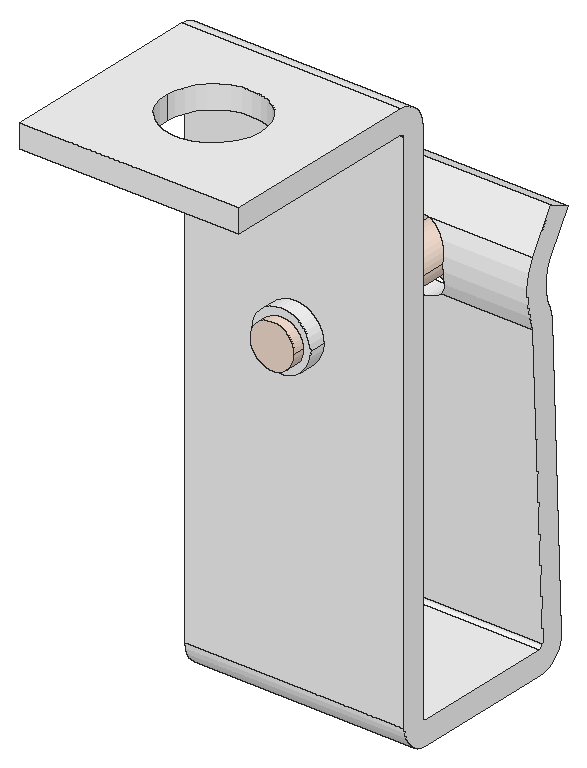
Revit family "rphanger3_c40x20", category 機械設備, Revit 2022
Family settings
  丸型コネクタ寸法 = 直径を使用
  種別 = なし
  パーツ タイプ = 標準
  作業面ベース = いいえ
  常に垂直 = はい
  ロード時にボイドで切り取り = いいえ
  注釈の向きを維持 = いいえ
  共有 = いいえ
  部屋計算ポイント = いいえ
Parameters
  製造元 = "株式会社桐井製作所"
  既定の高さ = 0 mm
  URL = "https://www.kirii.co.jp/"
  K_材質 = "SGHC一般用"
  K_品名 = "RPハンガー3分用(C40×20)"
  K_名称 = "耐震ハンガー"
  K_入数 = "100"
  K_バージョン情報 = "20210714"
  K_めっき付着量 = "Z12"
  K_JIS規格 = "JIS G 3302"
Reference planes
  plane 1 "中心(正面/背面)": y = 0
  plane 2: z = 0
  plane 3 "中心(左/右)": x = 0
Forms (mm)
  Extrusion 1, solid
    sketch origin (-15, 0, -3.2) x (0, 1, 0) y (0, 0, 1)
      loop
        arc (11.857, 43) -> (11.763, 43.7) -> (11.541, 44.37) r 3.795
        arc (11.541, 44.37) -> (10.837, 47.445) -> (11.494, 50.531) r 7.312
        line (11.494, 50.531) -> (14.549, 55.617) -> (11.638, 56.943) -> (8.578, 51.848)
        arc (8.578, 51.848) -> (7.637, 47.406) -> (8.657, 42.981) r 10.512
        line (8.657, 42.981) -> (10.249, 3.7)
        arc (10.249, 3.7) -> (10.102, 3.346) -> (9.749, 3.2) r 0.5
        line (9.749, 3.2) -> (-9.751, 3.2)
        arc (-9.751, 3.2) -> (-10.105, 3.346) -> (-10.251, 3.7) r 0.5
        line (-10.251, 3.7) -> (-10.251, 76.3)
        arc (-10.251, 76.3) -> (-11.335, 78.916) -> (-13.951, 80) r 3.7
        line (-13.951, 80) -> (-41.7, 80) -> (-41.7, 76.8) -> (-13.951, 76.8)
        arc (-13.951, 76.8) -> (-13.598, 76.654) -> (-13.451, 76.3) r 0.5
        line (-13.451, 76.3) -> (-13.451, 3.7)
        arc (-13.451, 3.7) -> (-12.368, 1.084) -> (-9.751, 0) r 3.7
        line (-9.751, 0) -> (9.749, 0)
        arc (9.749, 0) -> (12.365, 1.084) -> (13.449, 3.7) r 3.7
        line (13.449, 3.7) -> (11.857, 43)
    from 0 to 30
  Extrusion 2, void
    sketch origin (0, 0, -1.4) x (1, 0, 0) y (0, 0, 1)
      loop
        arc (3.5, 46.695) -> (0, 50.2) -> (-3.5, 46.695) r 3.5
        line (-3.5, 46.695) -> (-3.5, 43.695)
        arc (-3.5, 43.695) -> (0, 40.2) -> (3.5, 43.695) r 3.5
        line (3.5, 43.695) -> (3.5, 46.695)
    from -12.82 to -7.027
  Extrusion 3, void
    sketch origin (0, -9.45, -1.403) x (0, 0, -1) y (1, 0, 0)
      loop
        circle (-45.27, 0.008) r 3
    from 0.801 to 6.301
  Extrusion 4, void
    sketch origin (0, -4.553, 0) x (1, 0, 0) y (0, 1, 0)
      loop
        circle (0, -22.699) r 6.5
    from 73.6 to 76.8
  Extrusion 5, solid
    sketch origin (0.008, -13.451, -1.333) x (0, 0, -1) y (1, 0, 0)
      loop
        circle (-45.2, 0) r 3
      loop
        circle (-45.2, 0) r 4
    from 0 to 2.3
Cuts and joins
  Extrusion 2, Extrusion 3, Extrusion 4 cuts Extrusion 1
  joined: Extrusion 1, Extrusion 5
Dimensions and locks
  aligned and locked: level to plane 2
Nested families
  nested 1: "M6×30ボルト" at (-0.003, 12.73, 44.067) x (-1, 0, 0) z (0, 0, 1), type "M6×30ボルト"
Definition of nested family "M6×30ボルト"
  Parameters (values of type "M6×30ボルト")
    Manufacturer = "株式会社桐井製作所"
    Default Elevation = 0 mm
    URL = "https://www.kirii.co.jp/"
    K_材料規格 = "M6×L30"
    K_品名 = "M6×30ボルト"
    K_名称 = "ボルト"
  Reference planes
    plane 1 "中心(正面/背面)": y = 0
    plane 2: z = 0
    plane 3 "中心(左/右)": x = 0
    plane 4: x = 10
    plane 5: x = -10
    plane 6 "正面": y = -4
  Forms (mm)
    Extrusion 1, solid
      sketch origin (0, 0, 0) x (1, 0, 0) y (0, 0, 1)
        loop
          line (-4.763, -2.946) -> (0, -5.696) -> (4.763, -2.946) -> (4.763, 2.554) -> (0, 5.304) -> (-4.763, 2.554) -> (-4.763, -2.946)
      from 0 to 4
    Extrusion 2, void
      sketch origin (0, -4, 0) x (-1, 0, 0) y (0, 0, 1)
        loop
          circle (0, -0.156) r 4.396
      from 0 to 1
    Extrusion 3, void
      sketch origin (0, -4, 0) x (-1, 0, 0) y (0, 0, 1)
        loop
          arc (-0.6, 1.814) -> (-1.069, 0.856) -> (-2.036, 0.404) r 1.605
          line (-2.036, 0.404) -> (-2.939, 0.404)
          arc (-2.939, 0.404) -> (-3, -0.195) -> (-2.94, -0.795) r 3
          line (-2.94, -0.795) -> (-2.049, -0.795)
          arc (-2.049, -0.795) -> (-1.074, -1.243) -> (-0.6, -2.206) r 1.605
          line (-0.6, -2.206) -> (-0.6, -3.135)
          arc (-0.6, -3.135) -> (0, -3.196) -> (0.6, -3.135) r 3
          line (0.6, -3.135) -> (0.6, -2.206)
          arc (0.6, -2.206) -> (1.074, -1.243) -> (2.049, -0.795) r 1.605
          line (2.049, -0.795) -> (2.94, -0.795)
          arc (2.94, -0.795) -> (3, -0.198) -> (2.941, 0.398) r 3
          line (2.941, 0.398) -> (2.117, 0.398)
          arc (2.117, 0.398) -> (1.098, 0.828) -> (0.6, 1.814) r 1.605
          line (0.6, 1.814) -> (0.6, 2.743)
          arc (0.6, 2.743) -> (0, 2.804) -> (-0.6, 2.743) r 3
          line (-0.6, 2.743) -> (-0.6, 1.814)
      from 0 to 2
    Extrusion 4, solid
      sketch origin (0, 0, 0) x (1, 0, 0) y (0, 0, 1)
        loop
          circle (-0.011, -0.2) r 3
      from 0 to -30
  Cuts and joins
    Extrusion 2, Extrusion 3 cuts Extrusion 1
    joined: Extrusion 1, Extrusion 4
  Dimensions and locks
    aligned and locked: level to plane 2
